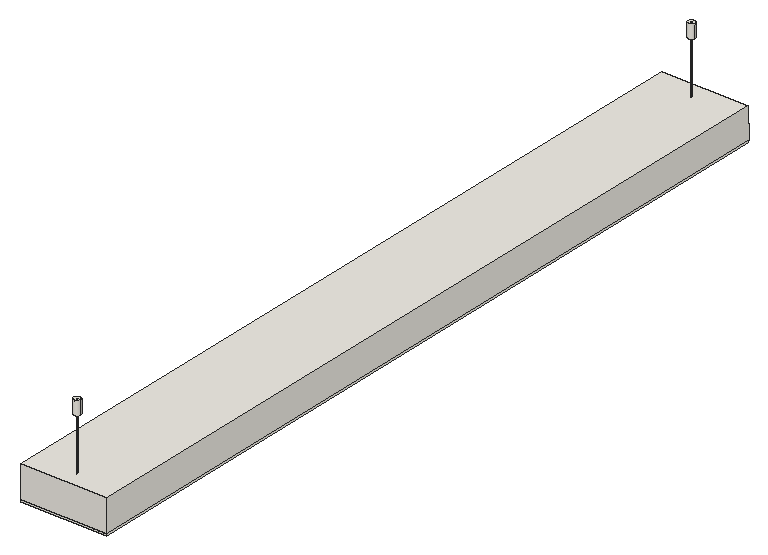
Revit family "ERA_LF_PR_SPO-114", category Осветительные приборы, Revit 2019
Family settings
  Размер круглого соединителя = Использовать диаметр
  Тип детали = Нормальный
  Номер OmniClass = 23.80.70.00
  Заголовок OmniClass = Lighting
  На основе рабочей плоскости = Нет
  Всегда вертикально = Да
  При загрузке вырезать с полостями = Нет
  Источник света = Да
  Общий = Нет
  Точка расчета площади = Да
Parameters (values of type "SPO-114-W-40K-036, LED, IP40, 1200х130х50 мм (ДхШхВ), 36 Вт, 4000 К, 2800 лм, класс защиты I, в комплекте (импульсный драйвер без гальваничесокй развязки)")
  built-in parameter 1150104 = 13.8 (stored number, unit not read)
  Чаша подвеса [instance] = yes
  built-in parameter 1150134 = 2
  Файл фотометрической сетки = "SPO-114-W-40K-036.ies"
  Угол наклона = 90.00°
  built-in parameter 1150142 = "IESNA:LM-63-1995\r\n[DATA] 03.12.2021\r\n[MANUFAC]??ÐÀ\r\n[LUMCAT] \r\n[LUMINAIRE] SPO-114-W-40K-036\r\n[LAMP] \r\nTILT=NONE\r\n1 2928 2.928 91 1 1 2 1.300 0.130 0.050\r\n1 1 34.7\r\n0 1 2 3 4 5 6 7 8 9 10 11 12 13 14 15 16 17 18 19 20 21 22 23 24 25 26 27 28 29 30 31 32 33 34 35 36 37 38 39 40 41 42 43 44 45 46 47 48 49 50 51 52 53 54 55 56 57 58 59 60 61 62 63 64 65 66 67 68 69 70 71 72 73 74 75 76 77 78 79 80 81 82 83 84 85 86 87 88 89 90 \r\n0 \r\n348.9 348.9 348.7 348.3 347.9 347.3 346.6 345.8 344.9 343.8 342.6 341.3 339.8 338.2 336.6 334.7 332.8 330.8 328.6 326.3 323.9 321.4 318.8 316.1 313.3 310.3 307.3 304.1 300.9 297.5 294.1 290.5 286.9 283.1 279.2 275.3 271.3 267.2 262.9 258.6 254.3 249.8 245.3 240.6 236 231.2 226.4 221.4 216.5 211.4 206.3 201.1 195.9 190.7 185.4 180 174.6 169.2 163.7 158.2 152.7 147.1 141.5 135.8 130.2 124.5 118.9 113.2 107.5 101.8 96.2 90.5 85 79.4 73.9 68.4 63.1 57.8 52.7 47.6 42.6 37.8 33.1 28.5 24.1 19.9 15.8 11.9 8.1 4.8 0.7\r\n"
  Диаметр чаши подвеса = 10.00 mm
  Высота чаши подвеса = 20.00 mm
  _УГО_Ширина = if(_Корпус_Ширина / УГО_Масштаб < 1.00 mm, 1.00 mm, _Корпус_Ширина / УГО_Масштаб)  # 1.30 mm
  УГО_Масштаб = 100
  _УГО_Длина = if(_Корпус_Длина / УГО_Масштаб < 1.00 mm, 1.00 mm, _Корпус_Длина / УГО_Масштаб)  # 12.00 mm
  _УГО_Диаметр = if(_Корпус_Длина / УГО_Масштаб < 1.00 mm, 1.00 mm, _Корпус_Длина / УГО_Масштаб)  # 12.00 mm
  УГО_Видимость [instance] = not(УГО_Реальный размер)  # yes
  УГО_Аварийный [instance] = no
  Тип установки = "Подвесной"
  Степень защиты IP = "IP40"
  built-in parameter 1150137 = (empty or 0)
  built-in parameter 1150132 = 2
  built-in parameter 1150114 = 1 (stored number, unit not read)
  Dimming Lamp Color Temperature Shift = (empty or 0)
  built-in parameter 1150105 = 417.78 (stored number, unit not read)
  Color Filter = 16777215
  Lumens = 2800 lm
  Разработчик модели = "https://www.teslabim.ru"
  built-in parameter 1150109 = 1 (stored number, unit not read)
  built-in parameter 1150112 = 1 (stored number, unit not read)
  built-in parameter 1150110 = 1 (stored number, unit not read)
  built-in parameter 1150113 = 1 (stored number, unit not read)
  built-in parameter 1150115 = 1 (stored number, unit not read)
  built-in parameter 1114218 = 1 (stored number, unit not read)
  built-in parameter 1114217 = 1 (stored number, unit not read)
  built-in parameter 1150106 = 4.1778 (stored number, unit not read)
  Emit from Rectangle Width = _Корпус_Ширина  # 130.00 mm
  Emit from Rectangle Length = _Корпус_Длина  # 1200.00 mm
  _Корпус_Ширина = if(ADSK_Размер_Ширина < 1.00 mm, 1.00 mm, ADSK_Размер_Ширина)  # 130.00 mm
  _Корпус_Длина = if(ADSK_Размер_Длина < 1.00 mm, 1.00 mm, ADSK_Размер_Длина)  # 1200.00 mm
  built-in parameter 1150133 = 10 (stored number, unit not read)
  Wattage = 35.3435 W
  built-in parameter 1150139 = (empty or 0)
  built-in parameter 1114216 [instance] = 1 (stored number, unit not read)
  Цвет = Белый
  УГО_Реальный размер [instance] = no
  Description = ""
  Lamp = ""
  Комплект = "Импульсный драйвер без гальваничесокй развязки"
  Класс пожароопасности = ""
  Класс защиты = "I"
  built-in parameter 1150138 = (empty or 0)
  built-in parameter 1150107 = 4000 (stored number, unit not read)
  built-in parameter 1150102 = (empty or 0)
  Источник света = "LED"
  Manufacturer = ""
  Длина подвеса [instance] = 100.00 mm
  Диаметр подвеса = 1.00 mm
  Геометрия изделия = "Прямоугольный"
  Видимая форма излучения при визуализации = no
  _УГО_Аварийный [instance] = if(УГО_Аварийный, "A", " ")  # " "
  _Корпус_Диаметр = if(ADSK_Размер_Диаметр < 1.00 mm, 1.00 mm, ADSK_Размер_Диаметр)  # 1.00 mm
  _Подвес_Расстояние = _Корпус_Длина - 50.00 mm  # 1150.00 mm
  _Подвес_Чаша_Высота = if(Высота чаши подвеса < 1.00 mm, 1.00 mm, Высота чаши подвеса)  # 20.00 mm
  _Подвес_Длина [instance] = if(Длина подвеса < 1.00 mm, 1.00 mm, Длина подвеса)  # 100.00 mm
  _Подвес_Чаша_Диаметр = if(Диаметр чаши подвеса < 1.00 mm, 1.00 mm, Диаметр чаши подвеса)  # 10.00 mm
  _Подвес_Диаметр = if(Диаметр подвеса < 1.00 mm, 1.00 mm, Диаметр подвеса)  # 1.00 mm
  _Корпус_Высота = if(ADSK_Размер_Высота < 1.00 mm, 1.00 mm, ADSK_Размер_Высота)  # 50.00 mm
  URL = "https://www.eraworld.ru/catalog/2655858"
  ADSK_Размер_Ширина = 130.00 mm
  ADSK_Размер_Длина = 1200.00 mm
  ADSK_Размер_Диаметр = 0.00 mm
  ADSK_Примечание = "Импульсный драйвер"
  ADSK_Полная мощность = ADSK_Номинальная мощность / ADSK_Коэффициент мощности  # 37.8947 VA
  ADSK_Позиция = ""
  ADSK_Номинальная мощность = 36 W
  ADSK_Напряжение = 230 V
  ADSK_Наименование краткое = "Светильник"
  ADSK_Масса = 1.7
  ADSK_Марка = "SPO-114-W-40K-036"
  ADSK_Коэффициент мощности = 0.95
  ADSK_Количество фаз = 1
  ADSK_Код изделия = ""
  ADSK_Классификация нагрузок = Освещение
  ADSK_Размер_Высота = 50.00 mm
  ADSK_Обозначение = ADSK_Марка  # "SPO-114-W-40K-036"
  ADSK_Наименование = "Светильник, LED, прямоугольный, подвесной, IP40, 1200х130х50 мм (ДхШхВ), 36 Вт, 4000 К, 2800 лм, класс защиты I, в комплекте (импульсный драйвер без гальваничесокй развязки)"
  ADSK_Завод-изготовитель = "ЭРА"
  ADSK_Единица измерения = "шт."
Types (2, lengths in mm): name | built-in parameter 1150134 | Файл фотометрической сетки | built-in parameter 1150142 | Цвет | URL | ADSK_Марка | ADSK_Обозначение
  SPO-114-W-40K-036, LED, IP40, 1200х130х50 мм (ДхШхВ), 36 Вт, 4000 К, 2800 лм, класс защиты I, в комплекте (импульсный драйвер без гальваничесокй развязки) | 2 | "SPO-114-W-40K-036.ies" | "IESNA:LM-63-1995\r\n[DATA] 03.12.2021\r\n[MANUFAC]??ÐÀ\r\n[LUMCAT] \r\n[LUMINAIRE] SPO-114-W-40K-036\r\n[LAMP] \r\nTILT=NONE\r\n1 2928 2.928 91 1 1 2 1.300 0.130 0.050\r\n1 1 34.7\r\n0 1 2 3 4 5 6 7 8 9 10 11 12 13 14 15 16 17 18 19 20 21 22 23 24 25 26 27 28 29 30 31 32 33 34 35 36 37 38 39 40 41 42 43 44 45 46 47 48 49 50 51 52 53 54 55 56 57 58 59 60 61 62 63 64 65 66 67 68 69 70 71 72 73 74 75 76 77 78 79 80 81 82 83 84 85 86 87 88 89 90 \r\n0 \r\n348.9 348.9 348.7 348.3 347.9 347.3 346.6 345.8 344.9 343.8 342.6 341.3 339.8 338.2 336.6 334.7 332.8 330.8 328.6 326.3 323.9 321.4 318.8 316.1 313.3 310.3 307.3 304.1 300.9 297.5 294.1 290.5 286.9 283.1 279.2 275.3 271.3 267.2 262.9 258.6 254.3 249.8 245.3 240.6 236 231.2 226.4 221.4 216.5 211.4 206.3 201.1 195.9 190.7 185.4 180 174.6 169.2 163.7 158.2 152.7 147.1 141.5 135.8 130.2 124.5 118.9 113.2 107.5 101.8 96.2 90.5 85 79.4 73.9 68.4 63.1 57.8 52.7 47.6 42.6 37.8 33.1 28.5 24.1 19.9 15.8 11.9 8.1 4.8 0.7\r\n" | Белый | "https://www.eraworld.ru/catalog/2655858" | "SPO-114-W-40K-036" | "SPO-114-W-40K-036"
  SPO-114-B-40K-036, LED, IP40, 1200х130х50 мм (ДхШхВ), 36 Вт, 4000 К, 2800 лм, класс защиты I, в комплекте (импульсный драйвер без гальваничесокй развязки) | SPO-114-W-40K-036.ies | "SPO-114-B-40K-036 .ies" | "IESNA:LM-63-1995\r\n[DATA] 03.12.2021\r\n[MANUFAC]??ÐÀ\r\n[LUMCAT] \r\n[LUMINAIRE] SPO-114-B-40K-036\r\n[LAMP] \r\nTILT=NONE\r\n1 2927 2.927 91 1 1 2 1.300 0.130 0.050\r\n1 1 34.6\r\n0 1 2 3 4 5 6 7 8 9 10 11 12 13 14 15 16 17 18 19 20 21 22 23 24 25 26 27 28 29 30 31 32 33 34 35 36 37 38 39 40 41 42 43 44 45 46 47 48 49 50 51 52 53 54 55 56 57 58 59 60 61 62 63 64 65 66 67 68 69 70 71 72 73 74 75 76 77 78 79 80 81 82 83 84 85 86 87 88 89 90 \r\n0 \r\n348.9 348.9 348.7 348.3 347.9 347.3 346.6 345.8 344.9 343.8 342.6 341.3 339.8 338.2 336.6 334.7 332.8 330.8 328.6 326.3 323.9 321.4 318.8 316.1 313.3 310.3 307.3 304.1 300.9 297.5 294.1 290.5 286.9 283.1 279.2 275.3 271.3 267.2 262.9 258.6 254.3 249.8 245.3 240.6 236 231.2 226.4 221.4 216.5 211.4 206.3 201.1 195.9 190.7 185.4 180 174.6 169.2 163.7 158.2 152.7 147.1 141.5 135.8 130.2 124.5 118.9 113.2 107.5 101.8 96.2 90.5 85 79.4 73.9 68.4 63.1 57.8 52.7 47.6 42.6 37.8 33.1 28.5 24.1 19.9 15.8 11.9 8.1 4.8 0.7\r\n" | Чёрный | "https://www.eraworld.ru/catalog/2655859" | "SPO-114-B-40K-036" | "SPO-114-B-40K-036"
Reference planes
  plane 1 "По центру (Вперед/Назад)": y = 0
  plane 2: z = 0
  plane 3 "По центру (Влево/Вправо)": x = 0
  plane 4 "ИС": z = -150
  plane 5 "H": z = -100
  plane 6 "П2": y = -575
  plane 7 "П1": y = 575
Dimensions and locks
  "_Подвес_Длина": plane 5 "H" to plane 2
  "ADSK_Размер_Высота": plane 4 "ИС" to plane 5 "H"
  equal spacing: plane 7 "П1", plane 1 "По центру (Вперед/Назад)", plane 6 "П2"
  "_Подвес_Расстояние": plane 7 "П1" to plane 6 "П2"
  aligned and locked: level to plane 2
  aligned and locked: imposter light to plane 4 "ИС"
  aligned and locked: nested 2 to plane 3 "По центру (Влево/Вправо)"
  aligned and locked: plane 1 "По центру (Вперед/Назад)" to nested 2
  aligned and locked: plane 3 "По центру (Влево/Вправо)" to nested 4
  aligned and locked: plane 3 "По центру (Влево/Вправо)" to nested 3
  aligned and locked: plane 6 "П2" to nested 4
  aligned and locked: plane 7 "П1" to nested 3
Nested families
  nested 1: "GA_УГО" at (0, 0, 0), visible <- "УГО_Видимость", Аварийный <- "УГО_Аварийный", type "Прямоугольник", detail levels coarse+medium
    with Аварийный no, Ширина 1.30 mm, Длина 12.00 mm
  nested 2: "GM_ОП_Пр_Корпус" at (0, 0, -100) x (-1, 0, 0) z (0, 0, -1), type "GM_ОП_Пр_Корпус"
    with Рассеиватель_Высота 2.50 mm, Корпус_Ширина 130.00 mm, Корпус_Длина 1200.00 mm, Корпус_Высота 50.00 mm, Кант_Ширина 6.50 mm
  nested 3: "GM_Подвес" at (0, 575, 0), type "GM_Подвес"
    with Чаша yes, Диаметр чаши подвеса 10.00 mm, Высота чаши подвеса 20.00 mm
  nested 4: "GM_Подвес" at (0, -575, 0), type "GM_Подвес"
    with Чаша yes, Диаметр чаши подвеса 10.00 mm, Высота чаши подвеса 20.00 mm
Connectors
  electrical at (0, 0, 0), driven by "ADSK_Коэффициент мощности", driven by "ADSK_Количество фаз", driven by "ADSK_Классификация нагрузок", driven by "ADSK_Напряжение", driven by "ADSK_Полная мощность"
    settings: index 1, voltage 230 V, apparent load 37.8947 VA, apparent load phase1 0 VA, apparent load phase2 0 VA, apparent load phase3 0 VA, power factor 0.95, load classification "Освещение", number of poles 1, system type 30, power factor state 1, is connector primary yes, connector utility no, sub classification motor no, connector description ""
Definition of nested family "GM_ОП_Пр_Корпус"
  Parameters (values of type "GM_ОП_Пр_Корпус")
    Рассеиватель_Высота = Корпус_Высота * 0.05  # 1.15 mm
    Корпус_Ширина = 60.00 mm
    Цвет = none
    Реальный размер = no
    Default Elevation = 1000.00 mm
    Корпус_Длина = 600.00 mm
    Корпус_Высота = 23.00 mm
    Кант_Ширина = Корпус_Ширина * 0.05  # 3.00 mm
  Reference planes
    plane 1 "По центру (Вперед/Назад)": y = 0
    plane 2: z = 0
    plane 3 "По центру (Влево/Вправо)": x = 0
    plane 4 "Ш1": x = 30
    plane 5 "Ш2": x = -30
    plane 6 "Д1": y = 300
    plane 7 "Д2": y = -300
    plane 8 "В": z = 23
    plane 9 "Р": z = 21.85
  Forms (mm)
    Extrusion 1, solid, material <- "Цвет", detail levels fine
      sketch origin (0, 0, 0) x (1, 0, 0) y (0, 1, 0)
        loop
          line (30, -300) -> (30, 300) -> (-30, 300) -> (-30, -300) -> (30, -300)
      from 0 to 21.85
    Extrusion 2, solid, visible <- "Реальный размер", detail levels coarse+medium
      sketch origin (0, 0, 0) x (1, 0, 0) y (0, 1, 0)
        loop
          line (-30, 300) -> (-30, -300) -> (30, -300) -> (30, 300) -> (-30, 300)
      from 0 to 23 <- "Корпус_Высота"
  Dimensions and locks
    equal spacing: plane 5 "Ш2", plane 3 "По центру (Влево/Вправо)", plane 4 "Ш1"
    "Корпус_Ширина": plane 5 "Ш2" to plane 4 "Ш1"
    equal spacing: plane 6 "Д1", plane 1 "По центру (Вперед/Назад)", plane 7 "Д2"
    "Корпус_Длина": plane 6 "Д1" to plane 7 "Д2"
    "Корпус_Высота": plane 2 to plane 8 "В"
    "Рассеиватель_Высота": plane 9 "Р" to plane 8 "В"
    aligned and locked: level to plane 2
    aligned and locked: Extrusion 1 to plane 5 "Ш2"
    aligned and locked: Extrusion 1 to plane 4 "Ш1"
    aligned and locked: Extrusion 1 to plane 6 "Д1"
    aligned and locked: plane 7 "Д2" to Extrusion 1
    aligned and locked: plane 6 "Д1" to Extrusion 2 sketch curve
    aligned and locked: Extrusion 2 sketch curve to plane 7 "Д2"
    aligned and locked: Extrusion 2 sketch curve to plane 5 "Ш2"
    aligned and locked: Extrusion 2 sketch curve to plane 4 "Ш1"
    aligned and locked: Extrusion 1 to plane 2
    aligned and locked: Extrusion 2 to plane 2
    aligned and locked: nested 1 to plane 8 "В"
    aligned and locked: plane 3 "По центру (Влево/Вправо)" to nested 1
    aligned and locked: plane 1 "По центру (Вперед/Назад)" to nested 1
    aligned and locked: Extrusion 1 to plane 9 "Р"
  Automatic sketch dimensions
    Extrusion 1 sketch curve to plane 5 "Ш2" = 0.00 mm
    Extrusion 1 sketch curve to plane 4 "Ш1" = 0.00 mm
    plane 7 "Д2" to Extrusion 1 sketch curve = 0.00 mm
    plane 6 "Д1" to Extrusion 1 sketch curve = 0.00 mm
  Nested families
    nested 1: "GM_ОП_Пр_Рассеиватель" at (0, 0, 21.85), type "GM_ОП_Пр_Рассеиватель"
      with Корпус_Ширина 60.00 mm, Корпус_Длина 600.00 mm, Корпус_Высота 1.15 mm
  Definition of nested family "GM_ОП_Пр_Рассеиватель"
    Parameters (values of type "GM_ОП_Пр_Рассеиватель")
      Корпус_Ширина = 80.00 mm
      Цвет = none
      Default Elevation = 1000.00 mm
      Корпус_Длина = 100.00 mm
      Корпус_Высота = 1.30 mm
      Кант_Ширина = 5.00 mm
    Reference planes
      plane 1 "По центру (Вперед/Назад)": y = 0
      plane 2: z = 0
      plane 3 "По центру (Влево/Вправо)": x = 0
      plane 4 "Ш1": x = 40
      plane 5 "Ш2": x = -40
      plane 6 "Д1": y = 50
      plane 7 "Д2": y = -50
    Forms (mm)
      Extrusion 1, solid, material <- "Цвет", detail levels fine
        sketch origin (0, 0, 0) x (1, 0, 0) y (0, 1, 0)
          loop
            line (40, -50) -> (40, 50) -> (-40, 50) -> (-40, -50) -> (40, -50)
          loop
            line (-35, 45) -> (-35, -45) -> (35, -45) -> (35, 45) -> (-35, 45)
        from 0 to 1.3 <- "Корпус_Высота"
      Extrusion 2, solid, detail levels fine
        sketch origin (20, -32.684, 0) x (1, 0, 0) y (0, 1, 0)
          loop
            line (-55, 77.684) -> (-55, -12.316) -> (15, -12.316) -> (15, 77.684) -> (-55, 77.684)
        from 0 to 1.3 <- "Корпус_Высота"
    Dimensions and locks
      equal spacing: plane 5 "Ш2", plane 3 "По центру (Влево/Вправо)", plane 4 "Ш1"
      "Корпус_Ширина": plane 5 "Ш2" to plane 4 "Ш1"
      equal spacing: plane 6 "Д1", plane 1 "По центру (Вперед/Назад)", plane 7 "Д2"
      "Корпус_Длина": plane 6 "Д1" to plane 7 "Д2"
      "Кант_Ширина": plane 5 "Ш2" to Extrusion 2 sketch curve
      "Кант_Ширина": Extrusion 2 sketch curve to plane 4 "Ш1"
      "Кант_Ширина": plane 6 "Д1" to Extrusion 2 sketch curve
      "Кант_Ширина": plane 7 "Д2" to Extrusion 2 sketch curve
      aligned and locked: level to plane 2
      aligned and locked: plane 5 "Ш2" to Extrusion 1
      aligned and locked: Extrusion 1 to plane 4 "Ш1"
      aligned and locked: Extrusion 1 to plane 6 "Д1"
      aligned and locked: plane 7 "Д2" to Extrusion 1
      aligned and locked: Extrusion 1 to plane 2
      aligned and locked: Extrusion 1 sketch curve to Extrusion 2  (x4)
    Automatic sketch dimensions
      Extrusion 1 sketch curve to plane 5 "Ш2" = 0.00 mm
      Extrusion 1 sketch curve to plane 4 "Ш1" = 0.00 mm
      plane 7 "Д2" to Extrusion 1 sketch curve = 0.00 mm
      plane 6 "Д1" to Extrusion 1 sketch curve = 0.00 mm
Definition of nested family "GM_Подвес"
  Parameters (values of type "GM_Подвес")
    Чаша = no
    Цвет = none
    Реальный размер = no
    Default Elevation = 1000.00 mm
    Длина подвеса = 100.00 mm
    Диаметр чаши подвеса = 25.00 mm
    Диаметр подвеса = 1.00 mm
    Высота чаши подвеса = 50.00 mm
  Reference planes
    plane 1 "По центру (Вперед/Назад)": y = 0
    plane 2: z = 0
    plane 3 "По центру (Влево/Вправо)": x = 0
    plane 4 "П": z = -100
    plane 5 "Ч": z = -50
  Forms (mm)
    Extrusion 1, solid, material <- "Цвет", detail levels fine
      sketch origin (0, 0, 0) x (1, 0, 0) y (0, 1, 0)
        loop
          circle (0, 0) r 0.5
      from 0 to -100
    Extrusion 2, solid, material <- "Цвет", visible <- "Чаша", detail levels fine
      sketch origin (0, 0, 0) x (1, 0, 0) y (0, 1, 0)
        loop
          circle (0, 0) r 12.5
      from 0 to -50
  Lines and regions (mm)
    model lines, visible <- "Реальный размер", detail levels coarse+medium
      curve 1: line (0, 0, -100) -> (0, 0, 0)
  Dimensions and locks
    "Длина подвеса": plane 4 "П" to plane 2
    "Высота чаши подвеса": plane 5 "Ч" to plane 2
    "Диаметр чаши подвеса": diameter of Extrusion 2 sketch curve
    "Диаметр подвеса": diameter of Extrusion 1 sketch curve
    aligned and locked: level to plane 2
    aligned and locked: plane 4 "П" to Extrusion 1
    aligned and locked: plane 2 to Extrusion 1
    aligned and locked: level to curve 1
    aligned and locked: curve 1 to plane 4 "П"
    aligned and locked: curve 1 to plane 3 "По центру (Влево/Вправо)"
    aligned and locked: plane 5 "Ч" to Extrusion 2
  Automatic sketch dimensions
    plane 1 "По центру (Вперед/Назад)" to Extrusion 1 sketch curve = 0.00 mm
    Extrusion 1 sketch curve to plane 3 "По центру (Влево/Вправо)" = 0.00 mm
    plane 1 "По центру (Вперед/Назад)" to Extrusion 2 sketch curve = 0.00 mm
    Extrusion 2 sketch curve to plane 3 "По центру (Влево/Вправо)" = 0.00 mm
Definition of nested family "GA_УГО"
  Parameters (values of type "Прямоугольник")
    Ширина = 10.00 mm
    Прямоугольник = yes
    Круг = no
    Длина = 10.00 mm
    Диаметр = 10.00 mm
    Аварийный [instance] = yes
  Types (3, lengths in mm): name | Прямоугольник | Круг | Аварийный
    Круг | no | yes | yes
    Прямоугольник | yes | no | yes
    Нет | no | no | no
  Reference planes
    plane 1: y = 0
    plane 2: x = 0
  Lines and regions (mm)
    detail lines, visible <- "Круг"
      curve 1: circle (0, 0, 0) r 5 normal (0, 0, 1)
    detail lines, visible <- "Прямоугольник"
      curve 2: line (-5, -5, 0) -> (5, -5, 0)
      curve 3: line (-5, 5, 0) -> (-5, -5, 0)
      curve 4: line (5, 5, 0) -> (-5, 5, 0)
      curve 5: line (5, -5, 0) -> (5, 5, 0)
  Text (mm)
    text "А" at (-0.656, 1.428, 0), visible <- "Аварийный"
  Dimensions and locks
    equal spacing: curve 3, plane 2, curve 5
    equal spacing: curve 2, plane 1, curve 4
    "Ширина": curve 3 to curve 5
    "Длина": curve 2 to curve 4
    "Диаметр": diameter of curve 1
    aligned and locked: plane 2 to curve 1
    aligned and locked: plane 1 to curve 1
